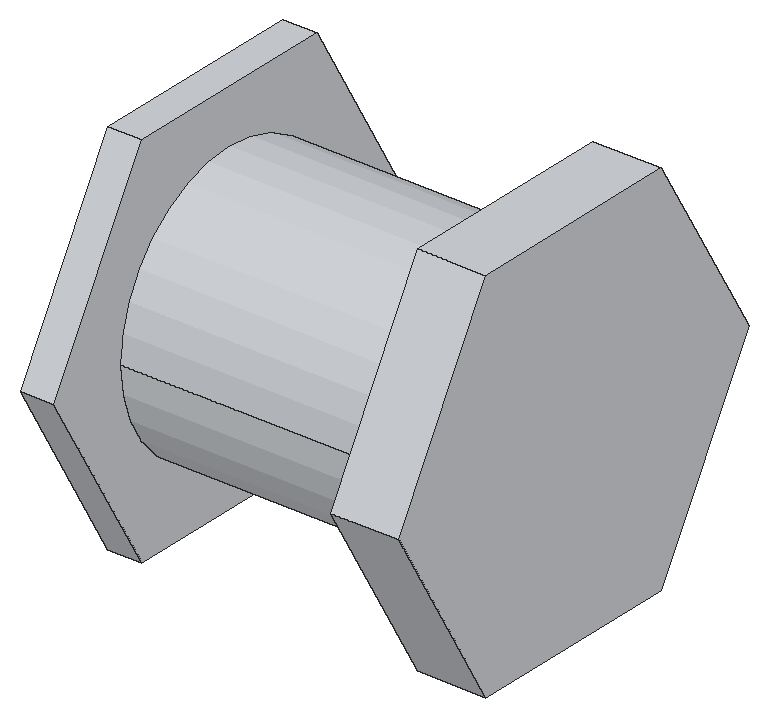
Revit family "M_Conector do conduíte - Compressão - Zinco fundido", category Conexões do conduite, Revit 2019
Family settings
  Cota do conector redondo = Usar raio
  Tipo de parte = Múltiplas portas
  Número OmniClass = 23.80.30.17.11
  Título OmniClass = Conduits
  ID de item do Seek = Conduit Connector - Compression - Die Cast Zinc-0000-CAN-ENU
  Com base no plano de trabalho = Não
  Sempre na vertical = Sim
  Corte com vazios quando carregada = Não
  Compartilhado = Não
Parameters (values of type "Padrão")
  Comprimento da rosca [instance] = 0.2 * Comprimento  # 6.35 mm
  Espessura da porca 2 [instance] = Raio externo da conexão / 2  # 4.564 mm
  Espessura da porca 1 [instance] = Raio externo da conexão / 4  # 2.282 mm
  Tamanho plano da porca [instance] = size_lookup(Pesquisa de tamanho de conduite, "NFS", 1.16 * Diâmetro nominal + 8.632 mm, Diâmetro nominal)  # 25.4 mm
  Raio nominal [instance] = 8 mm
  Diâmetro nominal [instance] = Raio nominal * 2  # 16 mm
  Comprimento 6 [instance] = Comprimento / 3  # 10.583 mm
  Comprimento 5 [instance] = 0.1 * Comprimento  # 3.175 mm
  Comprimento 4 [instance] = Comprimento 2 * cos(30.00°)  # 12.7 mm
  Comprimento 3 [instance] = Comprimento 2 * sin(30.00°)  # 7.332 mm
  Comprimento 2 [instance] = Tamanho plano da porca / (2 * cos(30.00°))  # 14.665 mm
  Comprimento 1 [instance] = Comprimento - Comprimento da rosca  # 25.4 mm
  Raio externo da conexão [instance] = Diâmetro externo da conexão / 2  # 9.128 mm
  Diâmetro externo da conexão [instance] = size_lookup(Pesquisa de tamanho de conduite, "FOD", 1.11 * Diâmetro nominal + 2.58 mm, Diâmetro nominal)  # 18.256 mm
  Comprimento [instance] = size_lookup(Pesquisa de tamanho de conduite, "Lgt", 1.52 * Diâmetro nominal + 47.823 mm, Diâmetro nominal)  # 31.75 mm
  Pesquisa de tamanho de conduite = "M_Conduit Connector - Compression - Die Cast Zinc"
Reference planes
  plane 1 "Centro (Frente/Trás)": y = 0
  plane 2: z = 0
  plane 3 "Centro (Esquerda/Direita)": x = 0
  plane 4: x = 2.282
  plane 5: x = 25.4
  plane 6: x = 20.836
  plane 7: y = 7.332
  plane 8: z = 12.7
  plane 9: z = -12.7
  plane 10: y = -7.332
  plane 11: y = 14.665
  plane 12: y = -14.665
Forms (mm)
  Extrusion 1, solid, detail levels fine
    sketch origin (20.836, 25.891, 1219.2) x (0, 1, 0) y (0, 0, 1)
      loop
        line (-18.559, -1206.5) -> (-33.224, -1206.5) -> (-40.556, -1219.2) -> (-33.224, -1231.9) -> (-18.559, -1231.9) -> (-11.227, -1219.2) -> (-18.559, -1206.5)
    from -20.836 to -18.554
  Extrusion 2, solid, detail levels fine
    sketch origin (20.836, 25.891, 1219.2) x (0, 1, 0) y (0, 0, 1)
      loop
        line (-18.559, -1206.5) -> (-33.224, -1206.5) -> (-40.556, -1219.2) -> (-33.224, -1231.9) -> (-18.559, -1231.9) -> (-11.227, -1219.2) -> (-18.559, -1206.5)
    from 0 to 4.564
  Extrusion 3, solid, detail levels fine
    sketch origin (20.836, 25.891, 1219.2) x (0, 1, 0) y (0, 0, 1)
      loop
        circle (-25.891, -1219.2) r 9.128
    from -18.554 to 0
  Extrusion 4, solid, detail levels fine
    sketch origin (20.836, 25.891, 1219.2) x (0, 1, 0) y (0, 0, 1)
      loop
        circle (-25.891, -1219.2) r 3.175
    from -20.836 to 4.564
Cuts and joins
  joined: Extrusion 1, Extrusion 2, Extrusion 3, Extrusion 4
Lines and regions (mm)
  model lines, detail levels coarse+medium
    curve 1: line (0, 0, 0) -> (25.4, 0, 0)
Dimensions and locks
  "Espessura da porca 1": plane 3 "Centro (Esquerda/Direita)" to plane 4
  "Comprimento 1": plane 3 "Centro (Esquerda/Direita)" to plane 5
  "Espessura da porca 2": plane 6 to plane 5
  "Comprimento 4": plane 8 to plane 2
  equal spacing: plane 9, plane 2, plane 8
  "Comprimento 3": plane 7 to plane 1 "Centro (Frente/Trás)"
  equal spacing: plane 7, plane 1 "Centro (Frente/Trás)", plane 10
  "Comprimento 2": plane 11 to plane 1 "Centro (Frente/Trás)"
  equal spacing: plane 11, plane 1 "Centro (Frente/Trás)", plane 12
  "Comprimento 2": plane 1 "Centro (Frente/Trás)" to Extrusion 1 sketch curve  (x2)
  "Comprimento 2": plane 1 "Centro (Frente/Trás)" to Extrusion 2 sketch curve  (x2)
  "Raio externo da conexão": radius of Extrusion 3 sketch curve
  radius of Extrusion 4 sketch curve = 3.175 mm
  aligned and locked: plane 10 to Extrusion 1 sketch curve  (x3)
  aligned and locked: Extrusion 1 sketch curve to plane 8
  aligned and locked: plane 8 to Extrusion 1 sketch curve
  aligned and locked: plane 2 to Extrusion 1 sketch curve  (x2)
  aligned and locked: plane 12 to Extrusion 1 sketch curve
  aligned and locked: plane 7 to Extrusion 1 sketch curve
  aligned and locked: plane 9 to Extrusion 1 sketch curve
  aligned and locked: plane 11 to Extrusion 1 sketch curve
  aligned and locked: Extrusion 1 to plane 3 "Centro (Esquerda/Direita)"
  aligned and locked: plane 4 to Extrusion 1
  aligned and locked: plane 10 to Extrusion 2 sketch curve  (x2)
  aligned and locked: plane 8 to Extrusion 2 sketch curve  (x2)
  aligned and locked: plane 12 to Extrusion 2 sketch curve
  aligned and locked: plane 2 to Extrusion 2 sketch curve  (x2)
  aligned and locked: plane 9 to Extrusion 2 sketch curve
  aligned and locked: plane 7 to Extrusion 2 sketch curve  (x2)
  aligned and locked: Extrusion 2 to plane 6
  aligned and locked: plane 5 to Extrusion 2
  aligned and locked: plane 1 "Centro (Frente/Trás)" to Extrusion 3 sketch curve
  aligned and locked: plane 2 to Extrusion 3 sketch curve
  aligned and locked: Extrusion 3 to plane 4
  aligned and locked: plane 6 to Extrusion 3
  aligned and locked: plane 1 "Centro (Frente/Trás)" to Extrusion 4 sketch curve
  aligned and locked: plane 2 to Extrusion 4 sketch curve
  aligned and locked: Extrusion 4 to plane 3 "Centro (Esquerda/Direita)"
  aligned and locked: plane 5 to Extrusion 4
  aligned and locked: plane 3 "Centro (Esquerda/Direita)" to curve 1
  aligned and locked: plane 5 to curve 1
  aligned and locked: plane 1 "Centro (Frente/Trás)" to curve 1
Connectors
  cabletrayconduit at (0, 0, 0), diameter 16, driven by "Raio nominal"
    settings: on Extrusion 4, index 1, connector width 304.8 mm, connector height 304.8 mm, connector angle 0.00°, system type 32, placement type 0, profile type 0, connector reference index 2, is primary connector yes, connector utility param no, connector description ""
  cabletrayconduit at (25.4, 0, 0), diameter 16, driven by "Raio nominal"
    settings: on Extrusion 4, index 2, connector width 304.8 mm, connector height 304.8 mm, connector angle 0.00°, system type 32, placement type 0, profile type 0, connector reference index 1, is primary connector no, connector utility param no, connector description ""
